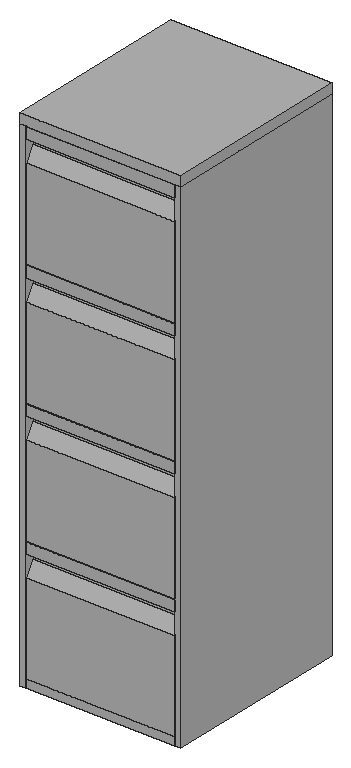
Revit family "Шкаф картотечный А4 для папок-регистраторов и папок подвесных", category Оборудование, Revit 2017
Family settings
  Размер круглого соединителя = Использовать диаметр
  Тип детали = Нормальный
  На основе рабочей плоскости = Нет
  Всегда вертикально = Да
  При загрузке вырезать с полостями = Нет
  Общий = Нет
  Точка расчета площади = Нет
Parameters (values of type "Тип")
  Примечание = ""
  Обозначение = "А-44"
  Наименование = "Шкаф картотечный с 4-мя выдвижными ящиками для папок-регистраторов и подвесных папок формата А4"
  Масса = "38"
  Код оборудования = ""
  Keynote = ""
  Изготовитель = "Severin"
  Завод = "Практик"
  Единицы = "шт."
  Model = ""
  Высота = 1305.0 mm
  GKS_TH_Ширина = 408.0 mm
  GKS_TH_Глубина = 480.0 mm
Reference planes
  plane 1 "По центру (Вперед/Назад)": y = 0
  plane 2: z = 0
  plane 3 "По центру (Влево/Вправо)": x = 0
  plane 4: x = -204
  plane 5: x = 204
  plane 6: y = 240
  plane 7: y = -240
  plane 8: x = 189
  plane 9: x = -189
  plane 10: z = 20
  plane 11: z = 335
  plane 12: z = 650
  plane 13: z = 965
Forms (mm)
  Extrusion 1, solid, material "Металл окрашенный серый", detail levels medium+fine
    sketch origin (0, 0, 0) x (1, 0, 0) y (0, 1, 0)
      loop
        line (-189, 240) -> (-189, -240) -> (189, -240) -> (189, 240) -> (-189, 240)
    from 0 to 20
  Extrusion 2, solid, material "Металл окрашенный серый", detail levels medium+fine
    sketch origin (0, 0, 0) x (1, 0, 0) y (0, 1, 0)
      loop
        line (-204, 240) -> (-204, -240) -> (-189, -240) -> (-189, 240) -> (-204, 240)
      loop
        line (189, 240) -> (189, -240) -> (204, -240) -> (204, 240) -> (189, 240)
    from 0 to 1280
  Extrusion 3, solid, material "Металл окрашенный серый", detail levels medium+fine
    sketch origin (0, 0, 0) x (1, 0, 0) y (0, 1, 0)
      loop
        line (-189, 240) -> (-189, 225) -> (189, 225) -> (189, 240) -> (-189, 240)
    from 0 to 1280
  Extrusion 4, solid, material "Металл окрашенный серый", detail levels medium+fine
    sketch origin (0, 0, 0) x (1, 0, 0) y (0, 1, 0)
      loop
        line (-204, 240) -> (-204, -240) -> (204, -240) -> (204, 240) -> (-204, 240)
    from 1305 to 1280
  Extrusion 5, solid, material "Металл окрашенный серый", detail levels medium+fine
    sketch origin (0, 0, 0) x (0, 1, 0) y (0, 0, 1)
      loop
        line (-240, 20) -> (-210, 20) -> (-210, 333) -> (-240, 333) -> (-240, 305) -> (-220, 305) -> (-220, 285) -> (-240, 250.359) -> (-240, 20)
    from -189 to 189
  Extrusion 6, solid, material "Металл окрашенный серый", detail levels medium+fine
    sketch origin (0, 0, 315) x (0, 1, 0) y (0, 0, 1)
      loop
        line (-240, 20) -> (-210, 20) -> (-210, 333) -> (-240, 333) -> (-240, 305) -> (-220, 305) -> (-220, 285) -> (-240, 250.359) -> (-240, 20)
    from -189 to 189
  Extrusion 7, solid, material "Металл окрашенный серый", detail levels medium+fine
    sketch origin (0, 0, 630) x (0, 1, 0) y (0, 0, 1)
      loop
        line (-240, 20) -> (-210, 20) -> (-210, 333) -> (-240, 333) -> (-240, 305) -> (-220, 305) -> (-220, 285) -> (-240, 250.359) -> (-240, 20)
    from -189 to 189
  Extrusion 8, solid, material "Металл окрашенный серый", detail levels medium+fine
    sketch origin (0, 0, 945) x (0, 1, 0) y (0, 0, 1)
      loop
        line (-240, 20) -> (-210, 20) -> (-210, 333) -> (-240, 333) -> (-240, 305) -> (-220, 305) -> (-220, 285) -> (-240, 250.359) -> (-240, 20)
    from -189 to 189
Lines and regions (mm)
  Split face 1
    outline origin (0, -240, 20) x (0, 0, 1) y (-1, 0, 0)
      loop
        line (190.359, -139) -> (190.359, -59) -> (150.359, -59) -> (150.359, -139) -> (190.359, -139)
  Split face 2
    outline origin (0, -240, 335) x (0, 0, 1) y (-1, 0, 0)
      loop
        line (190.359, -139) -> (190.359, -59) -> (150.359, -59) -> (150.359, -139) -> (190.359, -139)
  Split face 3
    outline origin (0, -240, 650) x (0, 0, 1) y (-1, 0, 0)
      loop
        line (190.359, -139) -> (190.359, -59) -> (150.359, -59) -> (150.359, -139) -> (190.359, -139)
  Split face 4
    outline origin (0, -240, 965) x (0, 0, 1) y (-1, 0, 0)
      loop
        line (190.359, -139) -> (190.359, -59) -> (150.359, -59) -> (150.359, -139) -> (190.359, -139)
  symbolic lines, detail levels coarse+medium
    curve 1: line (-204, 240, 0) -> (204, 240, 0)
    curve 2: line (-204, -240, 0) -> (-204, 240, 0)
    curve 3: line (204, -240, 0) -> (-204, -240, 0)
    curve 4: line (204, 240, 0) -> (204, -240, 0)
    curve 5: line (0, 240, 0) -> (-204, -240, 0)
    curve 6: line (0, 240, 0) -> (204, -240, 0)
Dimensions and locks
  aligned and locked: level to plane 2
